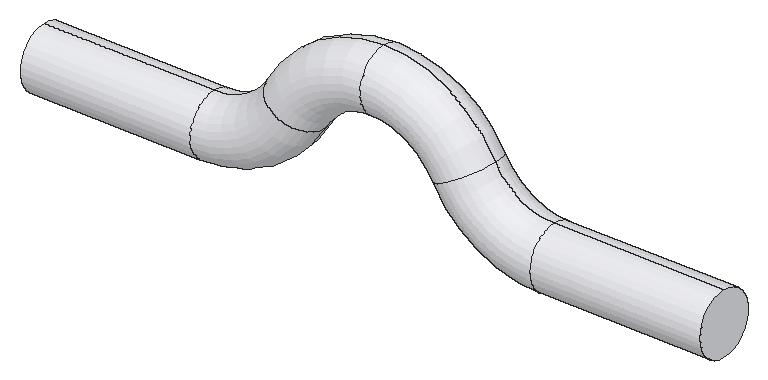
Revit family "PF_Соединение [фитинг полипропиленовый - обвод VTp.793.0]1 - VALTEC", category Соединительные детали трубопроводов, Revit 2019
Family settings
  Размер круглого соединителя = Использовать диаметр
  Тип детали = Соединение
  На основе рабочей плоскости = Нет
  Всегда вертикально = Да
  При загрузке вырезать с полостями = Нет
  Общий = Нет
Parameters (values of type "VTp.793.0")
  Таблица = "PF_Соединение [фитинг полипропиленовый - обвод VTp.793.0] - VALTEC"  # constant formula
  built-in parameter 1114238 [instance] = (empty or 0)
  Manufacturer = ""
  r [instance] = size_lookup(Таблица, "r", 0 mm, d)  # 32.2 mm
  l2 [instance] = d / 2  # 10 mm
  l1 [instance] = A / 8  # 28.125 mm
  dt [instance] = size_lookup(Таблица, "dt", 0 mm, d)  # 3.4 mm
  d [instance] = 20 mm
  URL = "https://valtec.ru/"
  B [instance] = size_lookup(Таблица, "B", 0 mm, d)  # 53 mm
  ADSK_Примечание [instance] = ""
  ADSK_Позиция [instance] = ""
  ADSK_Обозначение [instance] = "VTp.793.0"  # constant formula
  ADSK_Наименование [instance] = size_lookup(Таблица, "", "Данный типоразмер отсутствует", d)  # "Обвод полипропиленовый, 20 мм"
  ADSK_Материал = Пластик белый - VALTEC
  ADSK_Масса [instance] = size_lookup(Таблица, "Масса", 0, d)  # 0.043
  ADSK_Марка [instance] = size_lookup(Таблица, "Маркировка", "Данный типоразмер отсутствует", d)  # "20"
  ADSK_Код изделия [instance] = size_lookup(Таблица, "Код продукта", "Данный типоразмер отсутствует", d)  # "VTp.793.0.020"
  ADSK_Завод-изготовитель [instance] = "VALTEC"  # constant formula
  ADSK_Единица измерения [instance] = "шт."  # constant formula
  ADSK_URL страницы изделия = "https://valtec.ru/catalog/sistemy_polipropilenovyh_truboprovodov/polipropilenovye_fitingi/obvod_polipropilenovyj_vtp7930.html"
  ADSK_URL документации изделия = "https://valtec.ru/document/technical/VTp.700-fitingi-0419.pdf"
  A [instance] = size_lookup(Таблица, "A", 0 mm, d)  # 225 mm
Reference planes
  plane 1 "По центру (Вперед/Назад)": y = 0
  plane 2: z = 0
  plane 3 "По центру (Влево/Вправо)": x = 0
  plane 4: x = -112.5
  plane 5: x = 112.5
  plane 6: z = 43
  plane 7: z = 10
  plane 8: z = -10
  plane 9: x = -56.25
  plane 10: x = 56.25
  plane 11: x = -28.125
  plane 12: x = 28.125
  plane 13: z = 33
  plane 14 "ось": z = 16.5
Forms (mm)
  Sweep 1, solid, material "Пластик белый - VALTEC" <- "ADSK_Материал", detail levels medium+fine
    path origin (0, 0, 0) x (1, 0, 0) y (0, 0, 1)
      loop
        line (-112.5, 0) -> (-56.25, 0)
        arc (-56.25, 0) -> (-39.941, 4.436) -> (-28.125, 16.521) r 32.2
        arc (-28.125, 16.521) -> (-16.309, 28.607) -> (0, 33.042) r 32.2
        arc (0, 33.042) -> (16.309, 28.607) -> (28.125, 16.521) r 32.2
        arc (28.125, 16.521) -> (39.941, 4.436) -> (56.25, 0) r 32.2
        line (56.25, 0) -> (112.5, 0)
    profile origin (-84.375, 0, 0) x (0, 0, 1) y (0, -1, 0)
      loop
        circle (0, 0) r 10
Lines and regions (mm)
  model lines, detail levels coarse
    curve 1: line (-112.5, 0, 0) -> (-56.25, 0, 0)
    curve 2: line (56.25, 0, 0) -> (112.5, 0, 0)
    curve 3: arc (-56.25, 0, 0) -> (-39.941, 0, 4.436) -> (-28.125, 0, 16.521) r 32.2
    curve 4: arc (-28.125, 0, 16.521) -> (-16.309, 0, 28.607) -> (0, 0, 33.042) r 32.2
    curve 5: arc (0, 0, 33.042) -> (16.309, 0, 28.607) -> (28.125, 0, 16.521) r 32.2
    curve 6: arc (28.125, 0, 16.521) -> (39.941, 0, 4.436) -> (56.25, 0, 0) r 32.2
Dimensions and locks
  equal spacing: plane 4, plane 3 "По центру (Влево/Вправо)", plane 5
  "A": plane 4 to plane 5
  equal spacing: plane 7, plane 2, plane 8
  "d": plane 7 to plane 8
  "B": plane 6 to plane 8
  "l1": plane 9 to plane 11 to plane 3 "По центру (Влево/Вправо)" to plane 12 to plane 10
  "l2": plane 6 to plane 13
  equal spacing: plane 13, plane 14 "ось", plane 2
  "d": diameter of Sweep 1 sketch curve
  "r": radius of Sweep 1 sketch curve  (x4)
  "r": radius of curve 3
  "r": radius of curve 4
  "r": radius of curve 5
  "r": radius of curve 6
  aligned and locked: level to plane 2
  aligned and locked: Sweep 1 sketch curve to plane 2  (x2)
  aligned and locked: plane 2 to Sweep 1 sketch curve
  aligned and locked: plane 1 "По центру (Вперед/Назад)" to Sweep 1 sketch curve
  aligned and locked: plane 9 to Sweep 1 sketch curve
  aligned and locked: plane 4 to Sweep 1 sketch curve
  aligned and locked: plane 5 to Sweep 1 sketch curve
  aligned and locked: plane 10 to Sweep 1 sketch curve
  aligned and locked: plane 9 to curve 1
  aligned and locked: plane 4 to curve 1
  aligned and locked: curve 1 to plane 2
  aligned and locked: plane 10 to curve 2
  aligned and locked: plane 5 to curve 2
  aligned and locked: curve 2 to plane 2
Automatic sketch dimensions
  Sweep 1 sketch curve to plane 11 = 0 mm  (x2)
  curve 3 to plane 11 = 0 mm
  curve 4 to plane 11 = 0 mm
Connectors
  piping at (-112.5, 0, 0), diameter 20, driven by "d"
    settings: on Sweep 1, index 1, connector inside diameter 609.6 mm, connector length 0 mm, flow factor 0, pipe flow 0.0 L/s, pressure drop 0.0 Pa, fitting loss kfactor 0, connector angle 0.00°, fixture units 0, engagement length 0 mm, angle of deflection 0.00°, flow configuration 0, flow direction 0, fitting loss method 0, system type 28, joint type 0, gender type 0, connector reference index 2, connector utility 0, adjustable connector no, is connector primary yes, connector description ""
  piping at (112.5, 0, 0), diameter 20, driven by "d"
    settings: on Sweep 1, index 2, connector inside diameter 609.6 mm, connector length 0 mm, flow factor 0, pipe flow 0.0 L/s, pressure drop 0.0 Pa, fitting loss kfactor 0, connector angle 0.00°, fixture units 0, engagement length 0 mm, angle of deflection 0.00°, flow configuration 0, flow direction 0, fitting loss method 0, system type 28, joint type 0, gender type 0, connector reference index 1, connector utility 0, adjustable connector no, is connector primary no, connector description ""
